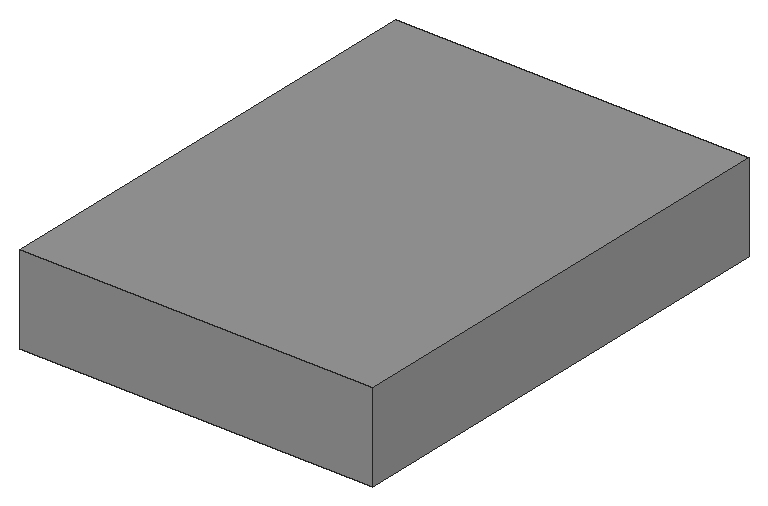
Revit family "PC-Iso_Footing", category Structural Foundations, Revit 2020
Family settings
  Material for Model Behavior = Other
  Cap = No
  OmniClass Number = 23.25.05.17
  OmniClass Title = Shallow Foundations
  Work Plane-Based = No
  Always vertical = Yes
  Cut with Voids When Loaded = No
  Shared = No
Parameters (values of type "PC")
  Width = 1800 mm
  Structural Material [instance] = Concrete, Sand/Cement Screed
  Length = 2400 mm
  Foundation Thickness = 450 mm
  Assembly Code = ""
Reference planes
  plane 1 "Center (Front/Back)": y = 0
  plane 2: z = 0
  plane 3 "Center (Left/Right)": x = 0
  plane 4: x = -900
  plane 5: x = 900
  plane 6: y = 1200
  plane 7: y = -1200
Forms (mm)
  Extrusion 1, solid, material "Concrete, Sand/Cement Screed" <- "Structural Material"
    sketch origin (0, 0, 0) x (1, 0, 0) y (0, 1, 0)
      loop
        line (-900, 1200) -> (-900, -1200) -> (900, -1200) -> (900, 1200) -> (-900, 1200)
    from -450 to 0
Dimensions and locks
  "Foundation Thickness": plane 2 to Extrusion 1
  "Width": plane 4 to plane 5
  "Length": plane 6 to plane 7
  equal spacing: plane 6, plane 1 "Center (Front/Back)", plane 7
  equal spacing: plane 4, plane 3 "Center (Left/Right)", plane 5
  aligned and locked: plane 4 to Extrusion 1 sketch curve
  aligned and locked: Extrusion 1 sketch curve to plane 5
  aligned and locked: Extrusion 1 sketch curve to plane 6
  aligned and locked: plane 7 to Extrusion 1 sketch curve
  aligned and locked: level to Extrusion 1
